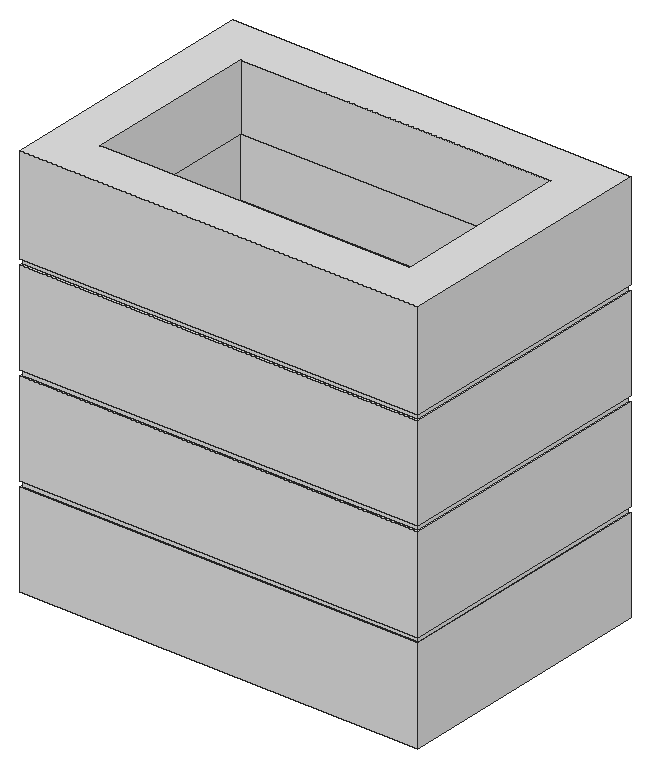
Revit family "Specialty_Equipment-Planter-Planters_Unlimited-Madera-Square-Rectangular", category Specialty Equipment, Revit 2023 (continued)
Types in the file's own list only (1344): name | Square Planter | Diagonal Support Visibility by Length | Diagonal Support | Center Divider | CD_Width | CD_Requested Width Bottom | CD_Requested Width | CD_Requested Length Bottom | CD_Requested Length | CD_Requested Height | Center Divider Visibility by Length | CD_Length | CD_Height | Rectangle Planter
  Rectangular 108" x 36" x 18" | No | Yes | No | Yes | 36" | 24" | 36" | 72" | 108" | 18" | Yes | 108" | 18" | Yes
  Rectangular 108" x 36" x 24" | No | Yes | No | Yes | 36" | 24" | 36" | 72" | 108" | 24" | Yes | 108" | 24" | Yes
  Rectangular 108" x 36" x 30" | No | Yes | No | Yes | 36" | 24" | 36" | 72" | 108" | 30" | Yes | 108" | 30" | Yes
  Rectangular 108" x 36" x 36" | No | Yes | No | Yes | 36" | 24" | 36" | 72" | 108" | 36" | Yes | 108" | 36" | Yes
  Rectangular 108" x 36" x 42" | No | Yes | No | Yes | 36" | 24" | 36" | 72" | 108" | 42" | Yes | 108" | 42" | Yes
  Rectangular 108" x 36" x 48" | No | Yes | No | Yes | 36" | 24" | 36" | 72" | 108" | 48" | Yes | 108" | 48" | Yes
  Rectangular 108" x 36" x 54" | No | Yes | No | Yes | 36" | 24" | 36" | 72" | 108" | 54" | Yes | 108" | 54" | Yes
  Rectangular 108" x 36" x 60" | No | Yes | No | Yes | 36" | 24" | 36" | 72" | 108" | 60" | Yes | 108" | 60" | Yes
  Rectangular 108" x 42" x 18" | No | Yes | No | Yes | 42" | 28" | 42" | 72" | 108" | 18" | Yes | 108" | 18" | Yes
  Rectangular 108" x 42" x 24" | No | Yes | No | Yes | 42" | 28" | 42" | 72" | 108" | 24" | Yes | 108" | 24" | Yes
  Rectangular 108" x 42" x 30" | No | Yes | No | Yes | 42" | 28" | 42" | 72" | 108" | 30" | Yes | 108" | 30" | Yes
  Rectangular 108" x 42" x 36" | No | Yes | No | Yes | 42" | 28" | 42" | 72" | 108" | 36" | Yes | 108" | 36" | Yes
  Rectangular 108" x 42" x 42" | No | Yes | No | Yes | 42" | 28" | 42" | 72" | 108" | 42" | Yes | 108" | 42" | Yes
  Rectangular 108" x 42" x 48" | No | Yes | No | Yes | 42" | 28" | 42" | 72" | 108" | 48" | Yes | 108" | 48" | Yes
  Rectangular 108" x 42" x 54" | No | Yes | No | Yes | 42" | 28" | 42" | 72" | 108" | 54" | Yes | 108" | 54" | Yes
  Rectangular 108" x 42" x 60" | No | Yes | No | Yes | 42" | 28" | 42" | 72" | 108" | 60" | Yes | 108" | 60" | Yes
  Rectangular 108" x 48" x 18" | No | Yes | No | Yes | 48" | 32" | 48" | 72" | 108" | 18" | Yes | 108" | 18" | Yes
  Rectangular 108" x 48" x 24" | No | Yes | No | Yes | 48" | 32" | 48" | 72" | 108" | 24" | Yes | 108" | 24" | Yes
  Rectangular 108" x 48" x 30" | No | Yes | No | Yes | 48" | 32" | 48" | 72" | 108" | 30" | Yes | 108" | 30" | Yes
  Rectangular 108" x 48" x 36" | No | Yes | No | Yes | 48" | 32" | 48" | 72" | 108" | 36" | Yes | 108" | 36" | Yes
  Rectangular 108" x 48" x 42" | No | Yes | No | Yes | 48" | 32" | 48" | 72" | 108" | 42" | Yes | 108" | 42" | Yes
  Rectangular 108" x 48" x 48" | No | Yes | No | Yes | 48" | 32" | 48" | 72" | 108" | 48" | Yes | 108" | 48" | Yes
  Rectangular 108" x 48" x 54" | No | Yes | No | Yes | 48" | 32" | 48" | 72" | 108" | 54" | Yes | 108" | 54" | Yes
  Rectangular 108" x 48" x 60" | No | Yes | No | Yes | 48" | 32" | 48" | 72" | 108" | 60" | Yes | 108" | 60" | Yes
  Rectangular 108" x 60" x 18" | No | Yes | No | Yes | 60" | 40" | 60" | 72" | 108" | 18" | Yes | 108" | 18" | Yes
  Rectangular 108" x 60" x 24" | No | Yes | No | Yes | 60" | 40" | 60" | 72" | 108" | 24" | Yes | 108" | 24" | Yes
  Rectangular 108" x 60" x 30" | No | Yes | No | Yes | 60" | 40" | 60" | 72" | 108" | 30" | Yes | 108" | 30" | Yes
  Rectangular 108" x 60" x 36" | No | Yes | No | Yes | 60" | 40" | 60" | 72" | 108" | 36" | Yes | 108" | 36" | Yes
  Rectangular 108" x 60" x 42" | No | Yes | No | Yes | 60" | 40" | 60" | 72" | 108" | 42" | Yes | 108" | 42" | Yes
  Rectangular 108" x 60" x 48" | No | Yes | No | Yes | 60" | 40" | 60" | 72" | 108" | 48" | Yes | 108" | 48" | Yes
  Rectangular 108" x 60" x 54" | No | Yes | No | Yes | 60" | 40" | 60" | 72" | 108" | 54" | Yes | 108" | 54" | Yes
  Rectangular 108" x 60" x 60" | No | Yes | No | Yes | 60" | 40" | 60" | 72" | 108" | 60" | Yes | 108" | 60" | Yes
  Rectangular 108" x 66" x 18" | No | Yes | No | Yes | 66" | 44" | 66" | 72" | 108" | 18" | Yes | 108" | 18" | Yes
  Rectangular 108" x 66" x 24" | No | Yes | No | Yes | 66" | 44" | 66" | 72" | 108" | 24" | Yes | 108" | 24" | Yes
  Rectangular 108" x 66" x 30" | No | Yes | No | Yes | 66" | 44" | 66" | 72" | 108" | 30" | Yes | 108" | 30" | Yes
  Rectangular 108" x 66" x 36" | No | Yes | No | Yes | 66" | 44" | 66" | 72" | 108" | 36" | Yes | 108" | 36" | Yes
  Rectangular 108" x 66" x 42" | No | Yes | No | Yes | 66" | 44" | 66" | 72" | 108" | 42" | Yes | 108" | 42" | Yes
  Rectangular 108" x 66" x 48" | No | Yes | No | Yes | 66" | 44" | 66" | 72" | 108" | 48" | Yes | 108" | 48" | Yes
  Rectangular 108" x 66" x 54" | No | Yes | No | Yes | 66" | 44" | 66" | 72" | 108" | 54" | Yes | 108" | 54" | Yes
  Rectangular 108" x 66" x 60" | No | Yes | No | Yes | 66" | 44" | 66" | 72" | 108" | 60" | Yes | 108" | 60" | Yes
  Rectangular 108" x 72" x 18" | No | Yes | No | Yes | 72" | 48" | 72" | 72" | 108" | 18" | Yes | 108" | 18" | Yes
  Rectangular 108" x 72" x 24" | No | Yes | No | Yes | 72" | 48" | 72" | 72" | 108" | 24" | Yes | 108" | 24" | Yes
  Rectangular 108" x 72" x 30" | No | Yes | No | Yes | 72" | 48" | 72" | 72" | 108" | 30" | Yes | 108" | 30" | Yes
  Rectangular 108" x 72" x 36" | No | Yes | No | Yes | 72" | 48" | 72" | 72" | 108" | 36" | Yes | 108" | 36" | Yes
  Rectangular 108" x 72" x 42" | No | Yes | No | Yes | 72" | 48" | 72" | 72" | 108" | 42" | Yes | 108" | 42" | Yes
  Rectangular 108" x 72" x 48" | No | Yes | No | Yes | 72" | 48" | 72" | 72" | 108" | 48" | Yes | 108" | 48" | Yes
  Rectangular 108" x 72" x 54" | No | Yes | No | Yes | 72" | 48" | 72" | 72" | 108" | 54" | Yes | 108" | 54" | Yes
  Rectangular 108" x 72" x 60" | No | Yes | No | Yes | 72" | 48" | 72" | 72" | 108" | 60" | Yes | 108" | 60" | Yes
  Rectangular 120" x 12" x 18" | No | Yes | No | Yes | 12" | 8" | 12" | 80" | 120" | 18" | Yes | 120" | 18" | Yes
  Rectangular 120" x 12" x 24" | No | Yes | No | Yes | 12" | 8" | 12" | 80" | 120" | 24" | Yes | 120" | 24" | Yes
  Rectangular 120" x 12" x 30" | No | Yes | No | Yes | 12" | 8" | 12" | 80" | 120" | 30" | Yes | 120" | 30" | Yes
  Rectangular 120" x 12" x 36" | No | Yes | No | Yes | 12" | 8" | 12" | 80" | 120" | 36" | Yes | 120" | 36" | Yes
  Rectangular 120" x 15" x 18" | No | Yes | No | Yes | 15" | 10" | 15" | 80" | 120" | 18" | Yes | 120" | 18" | Yes
  Rectangular 120" x 15" x 24" | No | Yes | No | Yes | 15" | 10" | 15" | 80" | 120" | 24" | Yes | 120" | 24" | Yes
  Rectangular 120" x 15" x 30" | No | Yes | No | Yes | 15" | 10" | 15" | 80" | 120" | 30" | Yes | 120" | 30" | Yes
  Rectangular 120" x 15" x 36" | No | Yes | No | Yes | 15" | 10" | 15" | 80" | 120" | 36" | Yes | 120" | 36" | Yes
  Rectangular 120" x 15" x 42" | No | Yes | No | Yes | 15" | 10" | 15" | 80" | 120" | 42" | Yes | 120" | 42" | Yes
  Rectangular 120" x 15" x 48" | No | Yes | No | Yes | 15" | 10" | 15" | 80" | 120" | 48" | Yes | 120" | 48" | Yes
  Rectangular 120" x 15" x 54" | No | Yes | No | Yes | 15" | 10" | 15" | 80" | 120" | 54" | Yes | 120" | 54" | Yes
  Rectangular 120" x 15" x 60" | No | Yes | No | Yes | 15" | 10" | 15" | 80" | 120" | 60" | Yes | 120" | 60" | Yes
  Rectangular 120" x 18" x 18" | No | Yes | No | Yes | 18" | 12" | 18" | 80" | 120" | 18" | Yes | 120" | 18" | Yes
  Rectangular 120" x 18" x 24" | No | Yes | No | Yes | 18" | 12" | 18" | 80" | 120" | 24" | Yes | 120" | 24" | Yes
  Rectangular 120" x 18" x 30" | No | Yes | No | Yes | 18" | 12" | 18" | 80" | 120" | 30" | Yes | 120" | 30" | Yes
  Rectangular 120" x 18" x 36" | No | Yes | No | Yes | 18" | 12" | 18" | 80" | 120" | 36" | Yes | 120" | 36" | Yes
  Rectangular 120" x 18" x 42" | No | Yes | No | Yes | 18" | 12" | 18" | 80" | 120" | 42" | Yes | 120" | 42" | Yes
  Rectangular 120" x 18" x 48" | No | Yes | No | Yes | 18" | 12" | 18" | 80" | 120" | 48" | Yes | 120" | 48" | Yes
  Rectangular 120" x 18" x 54" | No | Yes | No | Yes | 18" | 12" | 18" | 80" | 120" | 54" | Yes | 120" | 54" | Yes
  Rectangular 120" x 18" x 60" | No | Yes | No | Yes | 18" | 12" | 18" | 80" | 120" | 60" | Yes | 120" | 60" | Yes
  Rectangular 120" x 24" x 18" | No | Yes | No | Yes | 24" | 16" | 24" | 80" | 120" | 18" | Yes | 120" | 18" | Yes
  Rectangular 120" x 24" x 24" | No | Yes | No | Yes | 24" | 16" | 24" | 80" | 120" | 24" | Yes | 120" | 24" | Yes
  Rectangular 120" x 24" x 30" | No | Yes | No | Yes | 24" | 16" | 24" | 80" | 120" | 30" | Yes | 120" | 30" | Yes
  Rectangular 120" x 24" x 36" | No | Yes | No | Yes | 24" | 16" | 24" | 80" | 120" | 36" | Yes | 120" | 36" | Yes
  Rectangular 120" x 24" x 42" | No | Yes | No | Yes | 24" | 16" | 24" | 80" | 120" | 42" | Yes | 120" | 42" | Yes
  Rectangular 120" x 24" x 48" | No | Yes | No | Yes | 24" | 16" | 24" | 80" | 120" | 48" | Yes | 120" | 48" | Yes
  Rectangular 120" x 24" x 54" | No | Yes | No | Yes | 24" | 16" | 24" | 80" | 120" | 54" | Yes | 120" | 54" | Yes
  Rectangular 120" x 24" x 60" | No | Yes | No | Yes | 24" | 16" | 24" | 80" | 120" | 60" | Yes | 120" | 60" | Yes
  Rectangular 120" x 30" x 18" | No | Yes | No | Yes | 30" | 20" | 30" | 80" | 120" | 18" | Yes | 120" | 18" | Yes
  Rectangular 120" x 30" x 24" | No | Yes | No | Yes | 30" | 20" | 30" | 80" | 120" | 24" | Yes | 120" | 24" | Yes
  Rectangular 120" x 30" x 30" | No | Yes | No | Yes | 30" | 20" | 30" | 80" | 120" | 30" | Yes | 120" | 30" | Yes
  Rectangular 120" x 30" x 36" | No | Yes | No | Yes | 30" | 20" | 30" | 80" | 120" | 36" | Yes | 120" | 36" | Yes
  Rectangular 120" x 30" x 42" | No | Yes | No | Yes | 30" | 20" | 30" | 80" | 120" | 42" | Yes | 120" | 42" | Yes
  Rectangular 120" x 30" x 48" | No | Yes | No | Yes | 30" | 20" | 30" | 80" | 120" | 48" | Yes | 120" | 48" | Yes
  Rectangular 120" x 30" x 54" | No | Yes | No | Yes | 30" | 20" | 30" | 80" | 120" | 54" | Yes | 120" | 54" | Yes
  Rectangular 120" x 30" x 60" | No | Yes | No | Yes | 30" | 20" | 30" | 80" | 120" | 60" | Yes | 120" | 60" | Yes
  Rectangular 120" x 36" x 18" | No | Yes | No | Yes | 36" | 24" | 36" | 80" | 120" | 18" | Yes | 120" | 18" | Yes
  Rectangular 120" x 36" x 24" | No | Yes | No | Yes | 36" | 24" | 36" | 80" | 120" | 24" | Yes | 120" | 24" | Yes
  Rectangular 120" x 36" x 30" | No | Yes | No | Yes | 36" | 24" | 36" | 80" | 120" | 30" | Yes | 120" | 30" | Yes
  Rectangular 120" x 36" x 36" | No | Yes | No | Yes | 36" | 24" | 36" | 80" | 120" | 36" | Yes | 120" | 36" | Yes
  Rectangular 120" x 36" x 42" | No | Yes | No | Yes | 36" | 24" | 36" | 80" | 120" | 42" | Yes | 120" | 42" | Yes
  Rectangular 120" x 36" x 48" | No | Yes | No | Yes | 36" | 24" | 36" | 80" | 120" | 48" | Yes | 120" | 48" | Yes
  Rectangular 120" x 36" x 54" | No | Yes | No | Yes | 36" | 24" | 36" | 80" | 120" | 54" | Yes | 120" | 54" | Yes
  Rectangular 120" x 36" x 60" | No | Yes | No | Yes | 36" | 24" | 36" | 80" | 120" | 60" | Yes | 120" | 60" | Yes
  Rectangular 120" x 42" x 18" | No | Yes | No | Yes | 42" | 28" | 42" | 80" | 120" | 18" | Yes | 120" | 18" | Yes
  Rectangular 120" x 42" x 24" | No | Yes | No | Yes | 42" | 28" | 42" | 80" | 120" | 24" | Yes | 120" | 24" | Yes
  Rectangular 120" x 42" x 30" | No | Yes | No | Yes | 42" | 28" | 42" | 80" | 120" | 30" | Yes | 120" | 30" | Yes
  Rectangular 120" x 42" x 36" | No | Yes | No | Yes | 42" | 28" | 42" | 80" | 120" | 36" | Yes | 120" | 36" | Yes
  Rectangular 120" x 42" x 42" | No | Yes | No | Yes | 42" | 28" | 42" | 80" | 120" | 42" | Yes | 120" | 42" | Yes
  Rectangular 120" x 42" x 48" | No | Yes | No | Yes | 42" | 28" | 42" | 80" | 120" | 48" | Yes | 120" | 48" | Yes
  Rectangular 120" x 42" x 54" | No | Yes | No | Yes | 42" | 28" | 42" | 80" | 120" | 54" | Yes | 120" | 54" | Yes
  Rectangular 120" x 42" x 60" | No | Yes | No | Yes | 42" | 28" | 42" | 80" | 120" | 60" | Yes | 120" | 60" | Yes
  Rectangular 120" x 48" x 18" | No | Yes | No | Yes | 48" | 32" | 48" | 80" | 120" | 18" | Yes | 120" | 18" | Yes
  Rectangular 120" x 48" x 24" | No | Yes | No | Yes | 48" | 32" | 48" | 80" | 120" | 24" | Yes | 120" | 24" | Yes
  Rectangular 120" x 48" x 30" | No | Yes | No | Yes | 48" | 32" | 48" | 80" | 120" | 30" | Yes | 120" | 30" | Yes
  Rectangular 120" x 48" x 36" | No | Yes | No | Yes | 48" | 32" | 48" | 80" | 120" | 36" | Yes | 120" | 36" | Yes
  Rectangular 120" x 48" x 42" | No | Yes | No | Yes | 48" | 32" | 48" | 80" | 120" | 42" | Yes | 120" | 42" | Yes
  Rectangular 120" x 48" x 48" | No | Yes | No | Yes | 48" | 32" | 48" | 80" | 120" | 48" | Yes | 120" | 48" | Yes
  Rectangular 120" x 48" x 54" | No | Yes | No | Yes | 48" | 32" | 48" | 80" | 120" | 54" | Yes | 120" | 54" | Yes
  Rectangular 120" x 48" x 60" | No | Yes | No | Yes | 48" | 32" | 48" | 80" | 120" | 60" | Yes | 120" | 60" | Yes
  Rectangular 120" x 60" x 18" | No | Yes | No | Yes | 60" | 40" | 60" | 80" | 120" | 18" | Yes | 120" | 18" | Yes
  Rectangular 120" x 60" x 24" | No | Yes | No | Yes | 60" | 40" | 60" | 80" | 120" | 24" | Yes | 120" | 24" | Yes
  Rectangular 120" x 60" x 30" | No | Yes | No | Yes | 60" | 40" | 60" | 80" | 120" | 30" | Yes | 120" | 30" | Yes
  Rectangular 120" x 60" x 36" | No | Yes | No | Yes | 60" | 40" | 60" | 80" | 120" | 36" | Yes | 120" | 36" | Yes
  Rectangular 120" x 60" x 42" | No | Yes | No | Yes | 60" | 40" | 60" | 80" | 120" | 42" | Yes | 120" | 42" | Yes
  Rectangular 120" x 60" x 48" | No | Yes | No | Yes | 60" | 40" | 60" | 80" | 120" | 48" | Yes | 120" | 48" | Yes
  Rectangular 120" x 60" x 54" | No | Yes | No | Yes | 60" | 40" | 60" | 80" | 120" | 54" | Yes | 120" | 54" | Yes
  Rectangular 120" x 60" x 60" | No | Yes | No | Yes | 60" | 40" | 60" | 80" | 120" | 60" | Yes | 120" | 60" | Yes
  Rectangular 120" x 66" x 18" | No | Yes | No | Yes | 66" | 44" | 66" | 80" | 120" | 18" | Yes | 120" | 18" | Yes
  Rectangular 120" x 66" x 24" | No | Yes | No | Yes | 66" | 44" | 66" | 80" | 120" | 24" | Yes | 120" | 24" | Yes
  Rectangular 120" x 66" x 30" | No | Yes | No | Yes | 66" | 44" | 66" | 80" | 120" | 30" | Yes | 120" | 30" | Yes
  Rectangular 120" x 66" x 36" | No | Yes | No | Yes | 66" | 44" | 66" | 80" | 120" | 36" | Yes | 120" | 36" | Yes
  Rectangular 120" x 66" x 42" | No | Yes | No | Yes | 66" | 44" | 66" | 80" | 120" | 42" | Yes | 120" | 42" | Yes
  Rectangular 120" x 66" x 48" | No | Yes | No | Yes | 66" | 44" | 66" | 80" | 120" | 48" | Yes | 120" | 48" | Yes
  Rectangular 120" x 66" x 54" | No | Yes | No | Yes | 66" | 44" | 66" | 80" | 120" | 54" | Yes | 120" | 54" | Yes
  Rectangular 120" x 66" x 60" | No | Yes | No | Yes | 66" | 44" | 66" | 80" | 120" | 60" | Yes | 120" | 60" | Yes
  Rectangular 120" x 72" x 18" | No | Yes | No | Yes | 72" | 48" | 72" | 80" | 120" | 18" | Yes | 120" | 18" | Yes
  Rectangular 120" x 72" x 24" | No | Yes | No | Yes | 72" | 48" | 72" | 80" | 120" | 24" | Yes | 120" | 24" | Yes
  Rectangular 120" x 72" x 30" | No | Yes | No | Yes | 72" | 48" | 72" | 80" | 120" | 30" | Yes | 120" | 30" | Yes
  Rectangular 120" x 72" x 36" | No | Yes | No | Yes | 72" | 48" | 72" | 80" | 120" | 36" | Yes | 120" | 36" | Yes
  Rectangular 120" x 72" x 42" | No | Yes | No | Yes | 72" | 48" | 72" | 80" | 120" | 42" | Yes | 120" | 42" | Yes
  Rectangular 120" x 72" x 48" | No | Yes | No | Yes | 72" | 48" | 72" | 80" | 120" | 48" | Yes | 120" | 48" | Yes
  Rectangular 120" x 72" x 54" | No | Yes | No | Yes | 72" | 48" | 72" | 80" | 120" | 54" | Yes | 120" | 54" | Yes
  Rectangular 120" x 72" x 60" | No | Yes | No | Yes | 72" | 48" | 72" | 80" | 120" | 60" | Yes | 120" | 60" | Yes
